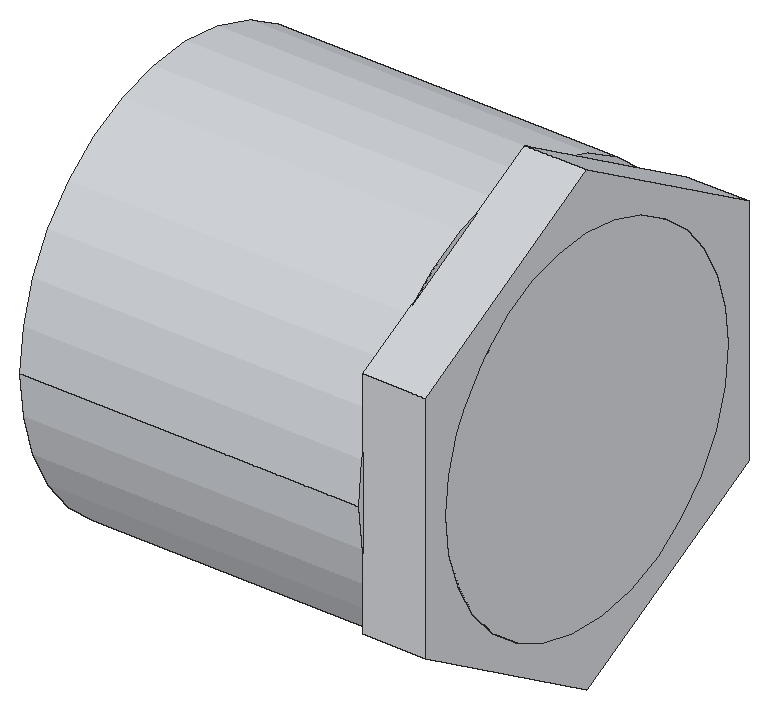
Revit family "GPC-PPR_HG_Coupling", category Pipe Fittings, Revit 2025
Family settings
  Round Connector Dimension = Use Radius
  Part Type = Transition
  OmniClass Number = 23.60.30.11.14
  OmniClass Title = Pipework Fittings
  Work Plane-Based = No
  Always vertical = Yes
  Cut with Voids When Loaded = No
  Shared = No
Parameters (values of type "Standard")
  Visibility 3 [instance] = Nominal Radius 1 = Nominal Radius 2  # no
  Visibility 2 [instance] = Nominal Radius 1 < Nominal Radius 2  # no
  Visibility 1 [instance] = Nominal Radius 1 > Nominal Radius 2  # yes
  Tick Size 2 [instance] = Fitting Outside Diameter 2 * 0.4  # 15.121 mm
  Tick Size 1 [instance] = Fitting Outside Diameter 1 * 0.4  # 17.929 mm
  Nominal Radius 2 [instance] = 12 mm
  Nominal Diameter 2 [instance] = Nominal Radius 2 * 2  # 24 mm
  Metal Thickness 2 [instance] = size_lookup(Lookup Table Name, "MThk", 0.05 * Nominal Diameter 2 + 2.084 mm, Nominal Diameter 2)  # 3.284 mm
  Max Nominal Diameter 12 [instance] = if(Nominal Radius 1 > Nominal Radius 2, Nominal Diameter 1, Nominal Diameter 2)  # 30 mm
  Loss Method = K Coefficient from Table
  Lookup Table Name = "M_Coupling Concentric Reducing - Threaded - MI - Class 150"
  Length [instance] = size_lookup(Lookup Table Name, "Lgt", 0.94 * Max Nominal Diameter 12 + 19.546 mm, Max Nominal Diameter 12)  # 47.746 mm
  Nominal Radius 1 [instance] = 15 mm
  Nominal Diameter 1 [instance] = Nominal Radius 1 * 2  # 30 mm
  Metal Thickness 1 [instance] = size_lookup(Lookup Table Name, "MThk", 0.05 * Nominal Diameter 1 + 2.084 mm, Nominal Diameter 1)  # 3.584 mm
  K Coefficient Table = "Contracting/Enlarging Transition"
  Fitting Outside Radius 2 [instance] = Fitting Outside Diameter 2 / 2  # 18.902 mm
  Fitting Outside Radius 1 [instance] = Fitting Outside Diameter 1 / 2  # 22.412 mm
  Fitting Outside Diameter 2 [instance] = Fitting Inside Diameter 2 + Metal Thickness 2 * 2  # 37.803 mm
  Fitting Outside Diameter 1 [instance] = Fitting Inside Diameter 1 + Metal Thickness 1 * 2  # 44.823 mm
  Fitting Inside Diameter 2 [instance] = size_lookup(Lookup Table Name, "FID", 1.07 * Nominal Diameter 2 + 5.556 mm, Nominal Diameter 2)  # 31.236 mm
  Fitting Inside Diameter 1 [instance] = size_lookup(Lookup Table Name, "FID", 1.07 * Nominal Diameter 1 + 5.556 mm, Nominal Diameter 1)  # 37.656 mm
  Default Elevation = 0 mm
  Band Width 2 [instance] = size_lookup(Lookup Table Name, "BWid", 0.12 * Nominal Diameter 2 + 4.564 mm, Nominal Diameter 2)  # 7.444 mm
  Band Width 1 [instance] = size_lookup(Lookup Table Name, "BWid", 0.12 * Nominal Diameter 1 + 4.564 mm, Nominal Diameter 1)  # 8.164 mm
  Band Outside Radius 2 [instance] = Band Outside Diameter 2 / 2  # 20.961 mm
  Band Outside Radius 1 [instance] = Band Outside Diameter 1 / 2  # 24.651 mm
  Band Outside Diameter 2 [instance] = size_lookup(Lookup Table Name, "BOD", 1.23 * Nominal Diameter 2 + 12.402 mm, Nominal Diameter 2)  # 41.922 mm
  Band Outside Diameter 1 [instance] = size_lookup(Lookup Table Name, "BOD", 1.23 * Nominal Diameter 1 + 12.402 mm, Nominal Diameter 1)  # 49.302 mm
  Band Insulation Width 2 [instance] = if(Band Width 2 > Length, Length, Band Width 2)  # 7.444 mm
  Band Insulation Width 1 [instance] = if(Band Width 1 > Length, Length, Band Width 1)  # 8.164 mm
Reference planes
  plane 1 "Center (Front/Back)": y = 0
  plane 2: z = 0
  plane 3 "Center (Left/Right)": x = 0
  plane 4: x = 8.164
  plane 5: x = 40.302
  plane 6: x = 47.746
  plane 7: x = 8.164
  plane 8: x = 40.302
Forms (mm)
  Extrusion 1, solid, detail levels fine
    sketch origin (0, 0, 0) x (0, 1, 0) y (0, 0, 1)
      loop
        circle (0, 0) r 24.651
    from 0 to 40.302
  Extrusion 2, solid, detail levels fine
    sketch origin (0, 0, 0) x (0, 1, 0) y (0, 0, 1)
      loop
        circle (0, 0) r 20.961
    from 40.302 to 47.746
  Sweep 3, solid
    path origin (0, 0, 0) x (1, 0, 0) y (0, 1, 0)
      loop
        line (40.302, 0) -> (47.746, 0)
    profile "Hex : Radius SW 2" origin (44.024, 0, 0) x (0, 1, 0) y (0, 0, 1)
      loop
        line (-24, 13.856) -> (-24, -13.856) -> (0, -27.713) -> (24, -13.856) -> (24, 13.856) -> (0, 27.713) -> (-24, 13.856)
Cuts and joins
  joined: Extrusion 1, Extrusion 2
Lines and regions (mm)
  model lines, visible <- "Visibility 3", detail levels coarse+medium
    curve 1: line (47.746, 0, 0) -> (0, 0, 0)
  model lines, detail levels coarse+medium
    curve 2: line (0, 17.929, 0) -> (0, -17.929, 0)
    curve 3: line (47.746, 15.121, 0) -> (47.746, -15.121, 0)
  model lines, visible <- "Visibility 1", detail levels coarse+medium
    curve 4: line (0, 17.929, 0) -> (47.746, 0, 0)
    curve 5: line (0, -17.929, 0) -> (47.746, 0, 0)
  model lines, visible <- "Visibility 2", detail levels coarse+medium
    curve 6: line (0, 0, 0) -> (47.746, 15.121, 0)
    curve 7: line (0, 0, 0) -> (47.746, -15.121, 0)
Dimensions and locks
  equal spacing: curve 2, plane 1 "Center (Front/Back)", curve 2
  equal spacing: curve 3, plane 1 "Center (Front/Back)", curve 3
  "Tick Size 1": plane 1 "Center (Front/Back)" to curve 2
  "Tick Size 2": plane 1 "Center (Front/Back)" to curve 3
  "Band Width 2": plane 5 to plane 6
  "Length": plane 3 "Center (Left/Right)" to plane 6
  "Band Width 1": plane 3 "Center (Left/Right)" to plane 4
  "Band Insulation Width 1": plane 3 "Center (Left/Right)" to plane 7
  "Band Insulation Width 2": plane 8 to plane 6
  "Band Outside Radius 1": radius of Extrusion 1 sketch curve
  "Band Outside Radius 2": radius of Extrusion 2 sketch curve
  aligned and locked: plane 2 to Extrusion 1 sketch curve
  aligned and locked: plane 1 "Center (Front/Back)" to Extrusion 1 sketch curve
  aligned and locked: plane 1 "Center (Front/Back)" to Extrusion 2 sketch curve
  aligned and locked: plane 2 to Extrusion 2 sketch curve
  aligned and locked: curve 1 to plane 1 "Center (Front/Back)"
  aligned and locked: cut or joined group of Extrusion 1, Extrusion 2 to plane 6
  aligned and locked: plane 5 to cut or joined group of Extrusion 1, Extrusion 2
  aligned and locked: Extrusion 1 to plane 3 "Center (Left/Right)"
  aligned and locked: curve 2 to plane 3 "Center (Left/Right)"
  aligned and locked: plane 6 to curve 3
  aligned and locked: plane 8 to Sweep 3
  aligned and locked: plane 6 to Sweep 3
  aligned and locked: Extrusion 1 to Extrusion 2
Automatic sketch dimensions
  plane 1 "Center (Front/Back)" to Sweep 3 sketch curve = 0 mm
  Sweep 3 sketch curve to plane 5 = 0 mm
  Sweep 3 sketch curve to plane 6 = 0 mm
Connectors
  piping at (0, 0, 0), diameter 30, driven by "Nominal Radius 1"
    settings: on Extrusion 1, index 1, connector inside diameter 8 mm, connector length 0 mm, flow factor 0, pipe flow 0.0 L/s, pressure drop 0.0 Pa, fitting loss kfactor 0, connector angle 0.00°, fixture units 0, engagement length 0 mm, angle of deflection 0.00°, flow configuration 0, flow direction 1, fitting loss method 0, system type 29, joint type 0, gender type 0, connector reference index 2, connector utility 0, adjustable connector no, is connector primary yes, connector description ""
  piping at (47.746, 0, 0), diameter 24, driven by "Nominal Radius 2"
    settings: on Extrusion 2, index 2, connector inside diameter 6 mm, connector length 0 mm, flow factor 0, pipe flow 0.0 L/s, pressure drop 0.0 Pa, fitting loss kfactor 0, connector angle 0.00°, fixture units 0, engagement length 0 mm, angle of deflection 0.00°, flow configuration 0, flow direction 2, fitting loss method 0, system type 29, joint type 0, gender type 0, connector reference index 1, connector utility 0, adjustable connector no, is connector primary no, connector description ""
